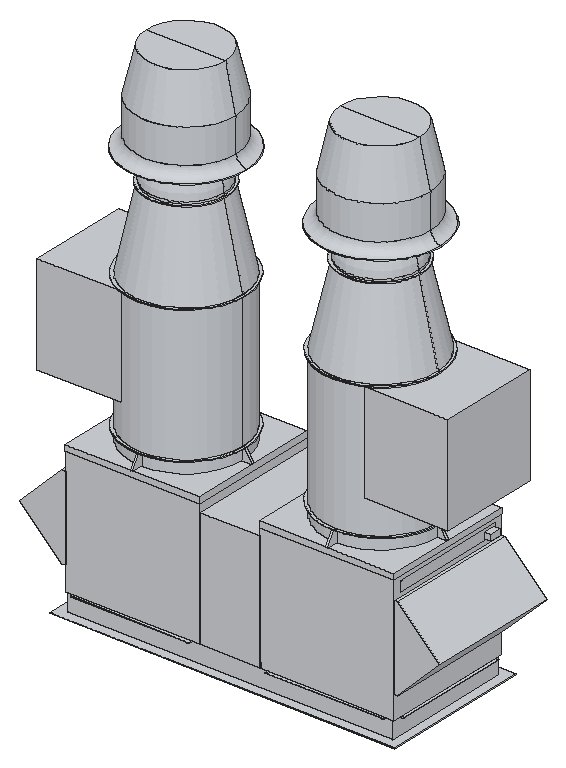
Revit family "QMXVP_with_1X2_Mixing_Box_Ends", category Mechanical Equipment, Revit 2019
Family settings
  Round Connector Dimension = Use Diameter
  Part Type = Normal
  Work Plane-Based = No
  Always vertical = Yes
  Cut with Voids When Loaded = No
  Shared = No
  Room Calculation Point = No
Parameters (values of type "402_QMXVP-27L-1X2_Mixing_Box_Ends")
  Unit Weight [instance] = ""
  UNIT_RADIUS+4" = UNIT_RADIUS + 4"  # 32 15/32"
  UNIT_RADIUS*.6 = UNIT_RADIUS * 0.9  # 25.62188"
  UNIT_RADIUS = UNIT_OD / 2  # 28 15/32"
  UNIT_RAD+((A/2)+.25")+4" = UNIT_RADIUS + ((A / 2) + 1/4") + 4"  # 66 7/32"
  UNIT_RAD+((A/2)+.25") = UNIT_RADIUS + ((A / 2) + 1/4")  # 62 7/32"
  UNIT_OD = 56 15/16"
  UNIT_HEIGHT*.75 = UNIT_HEIGHT * 0.75  # 51 3/8"
  UNIT_HEIGHT = 68 1/2"
  TYPE = 0"
  TRANSITION_TOP = 118 3/4"
  Sones [instance] = ""
  RO2/2 = 29 23/32"
  RO/2 = RO / 2  # 29 23/32"
  RO = 59 7/16"
  NOZZLE_WB_RAD-2" = NOZZLE_WB_RAD - 2"  # 28 1/2"
  NOZZLE_WB_RAD = NOZZLE_WB_OD / 2  # 30 1/2"
  NOZZLE_WB/4 = NOZZLE_WB_OD / 5  # 12.2"
  NOZZLE_TOP_RAD = NOZZLE_TOP_OD / 2  # 19 27/32"
  NOZZLE_TOP_OD = if(NOZZLE_SIZE = 108", 13 1/2", if(NOZZLE_SIZE = 144", 19 1/2", if(NOZZLE_SIZE = 180", 23", if(NOZZLE_SIZE = 216", 27 1/2", if(NOZZLE_SIZE = 252", 30 3/4", if(NOZZLE_SIZE = 288", 36 1/2", if(NOZZLE_SIZE = 324", 39 11/16", if(NOZZLE_SIZE = 360", 45 1/2", if(NOZZLE_SIZE = 432", 58", if(NOZZLE_SIZE = 588", 76", 1"))))))))))  # 39 11/16"
  NOZZLE_SIZE = 324"
  NOZZLE_HEIGHT/7*2 = NOZZLE_HEIGHT / 8 * 2  # 15 5/32"
  NOZZLE_HEIGHT = if(NOZZLE_SIZE = 108", 28", if(NOZZLE_SIZE = 144", 32", if(NOZZLE_SIZE = 180", 43", if(NOZZLE_SIZE = 216", 48", if(NOZZLE_SIZE = 252", 52 3/4", if(NOZZLE_SIZE = 288", 62", if(NOZZLE_SIZE = 360", 78", if(NOZZLE_SIZE = 324", 60 5/8", if(NOZZLE_SIZE = 432", 95", if(NOZZLE_SIZE = 588", 110", 1"))))))))))  # 60 5/8"
  NOZZLE_BOTTOM_RAD = NOZZLE_BOTTOM_ID / 2  # 19 5/32"
  NOZZLE_WB_OD = if(NOZZLE_SIZE = 108", 23", if(NOZZLE_SIZE = 144", 28", if(NOZZLE_SIZE = 180", 36", if(NOZZLE_SIZE = 216", 43", if(NOZZLE_SIZE = 252", 49", if(NOZZLE_SIZE = 288", 61", if(NOZZLE_SIZE = 324", 61", if(NOZZLE_SIZE = 360", 74", if(NOZZLE_SIZE = 432", 90", if(NOZZLE_SIZE = 588", 101", 1"))))))))))  # 61"
  NOZZLE_BOTTOM_ID = if(NOZZLE_SIZE = 108", 12 13/16", if(NOZZLE_SIZE = 144", 17 1/16", if(NOZZLE_SIZE = 180", 21 3/8", if(NOZZLE_SIZE = 216", 25 5/8", if(NOZZLE_SIZE = 252", 28 3/4", if(NOZZLE_SIZE = 288", 34 3/4", if(NOZZLE_SIZE = 324", 38 5/16", if(NOZZLE_SIZE = 360", 42 1/2", if(NOZZLE_SIZE = 432", 51 3/4", if(NOZZLE_SIZE = 588", 69 3/8", 1"))))))))))  # 38 5/16"
  Motor RPM [instance] = ""
  Motor Enclosure [instance] = ""
  ModelID [instance] = ""
  MB_HT/2 = MB_HT / 2  # 32 31/32"
  MB_HT-2.75" = MB_HT - 2 3/4"  # 63 3/16"
  MB_HT+.25" = MB_HT + 1/4"  # 66 3/16"
  MB_HT = 65 15/16"
  MB_A = 90"
  LwA [instance] = ""
  LONG_RO/2 = LONG_RO / 2  # 78 3/8"
  LONG_RO = 156 3/4"
  GA = if(UNIT_OD > 84", 23/128", if(UNIT_OD > 69", 17/128", 27/256"))  # 27/256"
  Fan RPM [instance] = ""
  E = 65 3/4"
  DUAL_G = 163"
  DUAL_F+1" = DUAL_F + 1"  # 165"
  DUAL_F = 164"
  CURB_HEIGHT [instance] = 12"
  CURB [instance] = yes
  C/2 = C / 2  # 44"
  C = 88"
  Bypass Damper Actuator = ""
  B/2 = B / 2  # 91 1/2"
  B = 183"
  Assembly Code = ""
  Accessories [instance] = ""
  A/2 = A / 2  # 33 1/2"
  A+.5 = A + 1/2"  # 67 1/2"
  A = 67"
  6" = 6"  # constant formula
  5" = 5"  # constant formula
  3.125" = 3 1/8"  # constant formula
  3" = 3"  # constant formula
  Brake Hp [instance] = ""
  4" = 4"  # constant formula
  2' = 24"
  2" = 2"  # constant formula
  135 = 135.00°
  1" = 1"  # constant formula
  0 = 0"  # constant formula
  Voltage [instance] = 0 V
  URL = "www.lorencook.com"
  Type Comments = if(TYPE = 12", "Vari-Plume Laboratory Exhaust Mixed-Flow High Pressure Inline Belt Drive With 1X2 Mixing Box With Weather Hoods On Sides\r\n", "Vari-Plume Laboratory Exhaust Mixed-Flow Inline Belt Drive With 1X2 Mixing Box With Weather Hoods On Sides\r\n")  # "Vari-Plume Laboratory Exhaust Mixed-Flow Inline Belt Drive With 1X2 Mixing Box With Weather Hoods On Sides\r\n"
  Static Pressure [instance] = 0.00 in-wg
  Power [instance] = Voltage * Motor FLA * sqrt(if(Phase = 3, 3, 1))  # 0 VA
  Phase [instance] = 0
  Number of Poles [instance] = 1
  Motor Hp [instance] = "0"
  Motor FLA [instance] = 0 A
  Model = if(TYPE = 12", "QMXHPVP-1X2_Mixing Box_Sides", "QMXVP-1X2_Mixing Box_Sides")  # "QMXVP-1X2_Mixing Box_Sides"
  Manufacturer = "Loren Cook Company"
  CFM [instance] = 0 CFM
  1.5 = 1 1/2"  # constant formula
  1/4 = 1/4"  # constant formula
  ONE EIGTH = 1/8"  # constant formula
  -A = -A  # -67"
  (NOZZLE_WB_OD-NOZZLE_TOP_OD)/2 = (NOZZLE_WB_OD - NOZZLE_TOP_OD) / 4  # 5 21/64"
  (NOZZLE_HEIGHT-(NOZZLE_HEIGHT/8*2))/2 = (NOZZLE_HEIGHT - (NOZZLE_HEIGHT / 8 * 2)) / 2  # 22 47/64"
  (A/2)-2" = (A / 2) - 2"  # 31 1/2"
  (A/2)-.5" = -((A / 2) - 1/2")  # -33"
  (A/2)+.5" = -((A / 2) + 1/2")  # -34"
  (A/2)+.25" = (A / 2) + 1/4"  # 33 3/4"
Reference planes (in)
  plane 1 "Center (Front/Back)": y = 0
  plane 2: z = 0
  plane 3 "Center (Left/Right)": x = 0.40541
Forms (in)
  Extrusion 1, solid
    sketch origin (0, 0, 0) x (1, 0, 0) y (0, 1, 0)
      loop
        line (-33.34459, 33.75) -> (-33.34459, -33.75) -> (34.15541, -33.75) -> (34.15541, 33.75) -> (-33.34459, 33.75)
      loop
        line (64.15541, 33.75) -> (64.15541, -33.75) -> (131.65541, -33.75) -> (131.65541, 33.75) -> (64.15541, 33.75)
    from 66.1875 <- "MB_HT+.25"" to 63.1875 <- "MB_HT-2.75""
  Revolve 2, solid
    sketch origin (0, 0, 0) x (1, 0, 0) y (0, 0, 1)
      loop
        line (0.40541, 66.1875) -> (28.87416, 66.1875) -> (28.87416, 72.1875) -> (30.37416, 72.1875) -> (30.37416, 72.4375) -> (28.87416, 72.4375) -> (28.87416, 140.4375) -> (30.37416, 140.4375) -> (30.37416, 140.6875) -> (28.87416, 140.6875) -> (19.56166, 181.6875) -> (21.06166, 181.6875) -> (21.06166, 181.9375) -> (0.40541, 181.9375) -> (0.40541, 66.1875)
      axis (0.40541, 181.9375) -> (0.40541, 66.1875)
    angle from 0 to 360
  Revolve 3, solid
    sketch origin (0, 0, 0) x (1, 0, 0) y (0, 0, 1)
      loop
        line (0.40541, 181.9375) -> (19.56166, 181.9375) -> (19.56166, 182.9375)
        arc (19.56166, 182.9375) -> (17.72865, 190.82402) -> (12.60541, 197.09375) r 17.8824
        line (12.60541, 197.09375) -> (30.90541, 197.09375) -> (20.24916, 242.5625) -> (0.40541, 242.5625) -> (0.40541, 181.9375)
      axis (0.40541, 242.5625) -> (0.40541, 181.9375)
    angle from 0 to 360
  Extrusion 4, solid
    sketch origin (0.40541, 0, 140.4375) x (1, 0, 0) y (0, -1, 0)
      loop
        line (-12.40924, 25.62188) -> (-54.25, 25.62188) -> (-54.25, -25.62188) -> (-12.40924, -25.62188)
        arc (-12.40924, -25.62188) -> (-28.46875, 0) -> (-12.40924, 25.62188) r 28.46875
      loop
        line (109.90924, -25.62188) -> (151.75, -25.62188) -> (151.75, 25.62188) -> (109.90924, 25.62188)
        arc (109.90924, 25.62188) -> (125.96875, 0) -> (109.90924, -25.62188) r 28.46875
    from 51.375 <- "UNIT_HEIGHT*.75" to 1.5
  Extrusion 5, solid
    sketch origin (0, 0, 0) x (1, 0, 0) y (0, 0, 1)
      loop
        line (-33.34459, 66.1875) -> (-28.06334, 66.1875) -> (-28.06334, 72.1875) -> (-29.56334, 72.1875) -> (-33.34459, 66.1875)
      loop
        line (34.15541, 66.1875) -> (30.37416, 72.1875) -> (28.87416, 72.1875) -> (28.87416, 66.1875) -> (34.15541, 66.1875)
      loop
        line (64.15541, 66.1875) -> (69.43666, 66.1875) -> (69.43666, 72.1875) -> (67.93666, 72.1875) -> (64.15541, 66.1875)
      loop
        line (131.65541, 66.1875) -> (127.87416, 72.1875) -> (126.37416, 72.1875) -> (126.37416, 66.1875) -> (131.65541, 66.1875)
    from -0.5 to 0.5
  Extrusion 6, solid
    sketch origin (0.40541, 0, 0) x (0, 1, 0) y (0, 0, 1)
      loop
        line (33.75, 66.1875) -> (29.96875, 72.1875) -> (28.46875, 72.1875) -> (28.46875, 66.1875) -> (33.75, 66.1875)
      loop
        line (-33.75, 66.1875) -> (-28.46875, 66.1875) -> (-28.46875, 72.1875) -> (-29.96875, 72.1875) -> (-33.75, 66.1875)
    from -0.5 to 0.5
  Extrusion 7, solid
    sketch origin (0.40541, 0, 72.1875) x (1, 0, 0) y (0, -1, 0)
      loop
        line (-2, -32.46875) -> (2, -32.46875) -> (2, -28.46875) -> (-2, -28.46875) -> (-2, -32.46875)
      loop
        line (95.25, -32.46875) -> (99.25, -32.46875) -> (99.25, -28.46875) -> (95.25, -28.46875) -> (95.25, -32.46875)
    from -10 to -6
  Revolve 8, void
    sketch origin (0, 0, 0) x (1, 0, 0) y (0, 0, 1)
      loop
        arc (25.57729, 202.67188) -> (30.90541, 197.34375) -> (36.23354, 202.67188) r 5.32813
        line (36.23354, 202.67188) -> (36.23354, 219.82812) -> (25.57729, 219.82812) -> (25.57729, 202.67188)
      axis (0.40541, 202.67188) -> (0.40541, 219.82812)
    angle from 0 to 360
  Extrusion 9, solid
    sketch origin (0, 0, 0) x (1, 0, 0) y (0, 1, 0)
      loop
        line (-33.09459, 33.5) -> (-33.09459, -33.5) -> (33.90541, -33.5) -> (33.90541, 33.5) -> (-33.09459, 33.5)
      loop
        line (64.40541, 33.5) -> (64.40541, -33.5) -> (131.40541, -33.5) -> (131.40541, 33.5) -> (64.40541, 33.5)
    from 0 to 63.1875 <- "MB_HT-2.75""
  Extrusion 10, void
    sketch origin (0, 0, 0) x (1, 0, 0) y (0, 1, 0)
      loop
        line (-32.84459, 33.25) -> (-32.84459, -33.25) -> (33.65541, -33.25) -> (33.65541, 33.25) -> (-32.84459, 33.25)
      loop
        line (64.65541, 33.25) -> (64.65541, -33.25) -> (131.15541, -33.25) -> (131.15541, 33.25) -> (64.65541, 33.25)
      loop
        line (34.40541, 33.25) -> (34.40541, -33.25) -> (63.90541, -33.25) -> (63.90541, 33.25) -> (34.40541, 33.25)
    from 0 to 2.875
  Extrusion 11, solid
    sketch origin (0, 0, 0) x (1, 0, 0) y (0, 1, 0)
      loop
        line (-33.34459, 29.75) -> (-34.84459, 29.75) -> (-34.84459, -29.75) -> (-33.34459, -29.75) -> (-33.34459, 29.75)
      loop
        line (-29.34459, -33.75) -> (-29.34459, -35.25) -> (30.15541, -35.25) -> (30.15541, -33.75) -> (-29.34459, -33.75)
      loop
        line (30.15541, 33.75) -> (30.15541, 35.25) -> (-29.34459, 35.25) -> (-29.34459, 33.75) -> (30.15541, 33.75)
      loop
        line (68.15541, 33.75) -> (127.65541, 33.75) -> (127.65541, 35.25) -> (68.15541, 35.25) -> (68.15541, 33.75)
      loop
        line (131.65541, 29.75) -> (131.65541, -29.75) -> (133.15541, -29.75) -> (133.15541, 29.75) -> (131.65541, 29.75)
      loop
        line (127.65541, -33.75) -> (68.15541, -33.75) -> (68.15541, -35.25) -> (127.65541, -35.25) -> (127.65541, -33.75)
    from 0 to 0.125
  Revolve 12, solid
    sketch origin (0, 0, 0) x (1, 0, 0) y (0, 0, 1)
      loop
        line (97.90541, 66.1875) -> (126.37416, 66.1875) -> (126.37416, 72.1875) -> (127.87416, 72.1875) -> (127.87416, 72.4375) -> (126.37416, 72.4375) -> (126.37416, 140.1875) -> (127.87416, 140.1875) -> (127.87416, 140.4375) -> (126.37416, 140.4375) -> (117.06166, 181.4375) -> (118.56166, 181.4375) -> (118.56166, 181.6875) -> (97.90541, 181.6875) -> (97.90541, 66.1875)
      axis (97.90541, 181.6875) -> (97.90541, 66.1875)
    angle from 0 to 360
  Revolve 13, solid
    sketch origin (0, 0, 0) x (1, 0, 0) y (0, 0, 1)
      loop
        line (97.90541, 181.4375) -> (117.06166, 181.4375) -> (117.06166, 182.4375)
        arc (117.06166, 182.4375) -> (115.23435, 190.54914) -> (110.10541, 197.09375) r 18.91789
        line (110.10541, 197.09375) -> (128.40541, 197.09375) -> (117.74916, 242.5625) -> (97.90541, 242.5625) -> (97.90541, 181.4375)
      axis (97.90541, 242.5625) -> (97.90541, 181.4375)
    angle from 0 to 360
  Revolve 14, void
    sketch origin (0, 0, 0) x (1, 0, 0) y (0, 0, 1)
      loop
        line (133.73354, 219.82812) -> (123.07729, 219.82812) -> (123.07729, 202.67188)
        arc (123.07729, 202.67188) -> (128.40541, 197.34375) -> (133.73354, 202.67188) r 5.32813
        line (133.73354, 202.67188) -> (133.73354, 219.82812)
      axis (97.90541, 219.82812) -> (97.90541, 202.67188)
    angle from 0 to 360
  Extrusion 15, solid
    sketch origin (33.90541, -33.5, 0) x (-1, 0, 0) y (0, 0, -1)
      loop
        line (0, -59.1875) -> (0, 0) -> (-30.5, 0) -> (-30.5, -59.1875) -> (0, -59.1875)
    from 0 to -67 <- "-A"
  Extrusion 16, solid
    sketch origin (64.40541, 33.5, 0) x (1, 0, 0) y (0, 0, -1)
      loop
        line (67, -53.96875) -> (69, -53.96875) -> (90, -32.96875) -> (69, -11.96875) -> (67, -11.96875) -> (67, -53.96875)
      loop
        line (-97.5, -53.96875) -> (-97.5, -11.96875) -> (-99.5, -11.96875) -> (-120.5, -32.96875) -> (-99.5, -53.96875) -> (-97.5, -53.96875)
    from 0 to -67 <- "-A"
  Extrusion 17, solid
    sketch origin (-33.09459, -33.5, 0) x (0, 1, 0) y (0, 0, -1)
      loop
        line (63, -61.1875) -> (63, -56.1875) -> (4, -56.1875) -> (4, -61.1875) -> (63, -61.1875)
    from 0 to 0.125
  Extrusion 18, solid
    sketch origin (-33.21959, -33.5, 0) x (0, 1, 0) y (0, 0, -1)
      loop
        line (5, -60.1875) -> (11, -60.1875) -> (11, -57.1875) -> (5, -57.1875) -> (5, -60.1875)
    from 0 to 3.5
  Extrusion 19, solid
    sketch origin (131.40541, 33.5, 0) x (0, -1, 0) y (0, 0, -1)
      loop
        line (63, -61.1875) -> (63, -56.1875) -> (4, -56.1875) -> (4, -61.1875) -> (63, -61.1875)
    from 0 to 0.125
  Extrusion 20, solid
    sketch origin (131.53041, 33.5, 0) x (0, -1, 0) y (0, 0, -1)
      loop
        line (5, -60.1875) -> (11, -60.1875) -> (11, -57.1875) -> (5, -57.1875) -> (5, -60.1875)
    from 0 to 3.5
  Extrusion 21, solid
    sketch origin (131.53041, 33.5, 0) x (0, -1, 0) y (0, 0, -1)
      loop
        line (67.25, -66.1875) -> (61.96875, -66.1875) -> (61.96875, -72.1875) -> (63.46875, -72.1875) -> (67.25, -66.1875)
      loop
        line (-0.25, -66.1875) -> (3.53125, -72.1875) -> (5.03125, -72.1875) -> (5.03125, -66.1875) -> (-0.25, -66.1875)
    from -33 <- "(A/2)-.5"" to -34 <- "(A/2)+.5""
  Extrusion 22, void
    sketch origin (64.40541, -33.5, 0) x (1, 0, 0) y (0, 1, 0)
      loop
        line (-30.25, 0.25) -> (-0.25, 0.25) -> (-0.25, 66.75) -> (-30.25, 66.75) -> (-30.25, 0.25)
    from 0 to 2.875
  Extrusion 23, solid, visible <- "CURB"
    sketch origin (0, 0, 2.875) x (0, 1, 0) y (1, 0, 0)
      loop
        line (29.71875, -29.31334) -> (29.71875, 127.43666) -> (-29.71875, 127.43666) -> (-29.71875, -29.31334) -> (29.71875, -29.31334)
      loop
        line (-32.84375, 130.56166) -> (-32.84375, -32.43834) -> (32.84375, -32.43834) -> (32.84375, 130.56166) -> (-32.84375, 130.56166)
    from 0 to 12 <- "CURB_HEIGHT"
  Extrusion 24, solid, visible <- "CURB"
    sketch origin (0, 0, -9.125) x (-1, 0, 0) y (0, 1, 0)
      loop
        line (-130.56166, -32.84375) -> (32.43834, -32.84375) -> (32.43834, 32.84375) -> (-130.56166, 32.84375) -> (-130.56166, -32.84375)
      loop
        line (37.43834, 37.84375) -> (-135.56166, 37.84375) -> (-135.56166, -37.84375) -> (37.43834, -37.84375) -> (37.43834, 37.84375)
    from 0 to -0.125
Cuts and joins
  Revolve 8 cuts Revolve 3
  Extrusion 10, Extrusion 22 cuts Extrusion 9
  Revolve 14 cuts Revolve 13
  Extrusion 22 cuts Extrusion 11
  Extrusion 22 cuts Extrusion 15
Dimensions and locks (in)
  "(A/2)+.25"": Extrusion 1 sketch curve to plane 3 "Center (Left/Right)"
  "(A/2)+.25"": plane 3 "Center (Left/Right)" to Extrusion 1 sketch curve
  "(A/2)+.25"": plane 1 "Center (Front/Back)" to Extrusion 1 sketch curve
  "(A/2)+.25"": Extrusion 1 sketch curve to plane 1 "Center (Front/Back)"
  "1/4": Revolve 2 sketch curve to Revolve 2 sketch curve  (x3)
  "1.5": Revolve 2 sketch curve to Revolve 2 sketch curve  (x3)
  "NOZZLE_BOTTOM_RAD": Revolve 2 sketch curve to plane 3 "Center (Left/Right)"
  "UNIT_HEIGHT": Revolve 2 sketch curve to Revolve 2 sketch curve
  "UNIT_RADIUS": Revolve 2 sketch curve to plane 3 "Center (Left/Right)"
  "UNIT_RADIUS": Revolve 2 sketch curve to Revolve 2 sketch curve
  "0": Revolve 2 sketch curve to plane 3 "Center (Left/Right)"  (x2)
  "0": Revolve 3 sketch curve to plane 3 "Center (Left/Right)"  (x2)
  "NOZZLE_TOP_RAD": Revolve 3 sketch curve to plane 3 "Center (Left/Right)"
  "NOZZLE_HEIGHT": Revolve 3 sketch curve to Revolve 2
  "0": Revolve 3 sketch curve to Revolve 2
  "NOZZLE_WB_RAD": Revolve 3 sketch curve to plane 3 "Center (Left/Right)"
  "NOZZLE_HEIGHT/7*2": Revolve 3 sketch curve to Revolve 3 sketch curve
  "NOZZLE_BOTTOM_RAD": Revolve 3 sketch curve to plane 3 "Center (Left/Right)"
  "1"": Revolve 3 sketch curve to Revolve 2  (x2)
  "NOZZLE_WB/4": Revolve 3 sketch curve to Revolve 3 sketch curve
  "0": Revolve 2 sketch curve to Revolve 2 sketch curve
  "0": Extrusion 4 sketch curve to plane 3 "Center (Left/Right)"
  "0": Extrusion 4 sketch curve to plane 1 "Center (Front/Back)"  (x2)
  "0": Revolve 2 to Extrusion 5 sketch curve  (x3)
  "0": Extrusion 5 sketch curve to Revolve 2
  "1.5": Extrusion 5 sketch curve to Extrusion 5 sketch curve  (x4)
  "0": Revolve 2 to Extrusion 6 sketch curve
  "0": Extrusion 6 sketch curve to Revolve 2
  "UNIT_RADIUS": plane 1 "Center (Front/Back)" to Extrusion 6 sketch curve
  "UNIT_RADIUS": Extrusion 6 sketch curve to plane 1 "Center (Front/Back)"
  "1.5": Extrusion 6 sketch curve to Extrusion 6 sketch curve  (x2)
  "NOZZLE_WB_RAD": Revolve 8 sketch curve to plane 3 "Center (Left/Right)"
  "(NOZZLE_WB_OD-NOZZLE_TOP_OD)/2": Revolve 8 sketch curve to Revolve 8 sketch curve  (x2)
  "1/4": Revolve 8 sketch curve to Revolve 3
  "(NOZZLE_HEIGHT-(NOZZLE_HEIGHT/8*2))/2": Revolve 8 sketch curve to Revolve 3
  "0": plane 3 "Center (Left/Right)" to Revolve 8 sketch curve
  "1/4": Extrusion 1 to Extrusion 9 sketch curve  (x4)
  "1/4": Extrusion 9 sketch curve to Extrusion 1  (x4)
  "1/4": Extrusion 10 sketch curve to Extrusion 9  (x3)
  "1/4": Extrusion 9 to Extrusion 10 sketch curve
  "1.5": Extrusion 11 sketch curve to Extrusion 11 sketch curve  (x6)
  "0": Extrusion 11 sketch curve to Extrusion 1  (x5)
  "4"": Extrusion 11 sketch curve to Extrusion 1  (x4)
  "4"": Extrusion 1 to Extrusion 11 sketch curve  (x8)
  "TRANSITION_TOP": cut or joined group of Extrusion 9, Extrusion 10, Extrusion 22 to Revolve 2 sketch curve
  "0": Extrusion 1 to Revolve 2 sketch curve
  "0": Extrusion 5 sketch curve to Extrusion 1  (x6)
  "0": Extrusion 1 to Extrusion 5 sketch curve  (x2)
  "0": Extrusion 6 sketch curve to Extrusion 1  (x3)
  "0": Extrusion 1 to Extrusion 6 sketch curve
  "A+.5": Extrusion 1 sketch curve to Extrusion 1 sketch curve
  "DUAL_F+1"": Extrusion 1 sketch curve to Extrusion 1 sketch curve
  "0": Extrusion 1 sketch curve to Extrusion 1 sketch curve  (x2)
  "(A/2)+.25"": Extrusion 1 to Revolve 12 sketch curve  (x2)
  "UNIT_RADIUS": Revolve 12 sketch curve to Revolve 12 sketch curve  (x2)
  "0": Revolve 12 sketch curve to Revolve 12 sketch curve
  "NOZZLE_BOTTOM_RAD": Revolve 12 sketch curve to Revolve 12 sketch curve
  "0": Revolve 12 sketch curve to Revolve 2  (x2)
  "0": Revolve 2 to Revolve 12 sketch curve
  "0": Revolve 12 sketch curve to Extrusion 1
  "1/4": Revolve 12 sketch curve to Revolve 12 sketch curve  (x3)
  "1.5": Revolve 12 sketch curve to Revolve 12 sketch curve  (x3)
  "0": Revolve 13 sketch curve to Revolve 12
  "0": Revolve 13 sketch curve to cut or joined group of Revolve 3, Revolve 8
  "0": cut or joined group of Revolve 3, Revolve 8 to Revolve 13 sketch curve
  "0": Revolve 12 to Revolve 13 sketch curve
  "NOZZLE_WB_RAD": Revolve 13 sketch curve to Revolve 13 sketch curve
  "NOZZLE_TOP_RAD": Revolve 13 sketch curve to Revolve 13 sketch curve
  "(A/2)+.25"": Revolve 13 sketch curve to Extrusion 1  (x2)
  "1"": Revolve 13 sketch curve to Revolve 12
  "NOZZLE_WB/4": Revolve 13 sketch curve to Revolve 13 sketch curve
  "1/4": Revolve 14 sketch curve to Revolve 13
  "(NOZZLE_WB_OD-NOZZLE_TOP_OD)/2": Revolve 13 to Revolve 14 sketch curve  (x2)
  "(NOZZLE_HEIGHT-(NOZZLE_HEIGHT/8*2))/2": Revolve 14 sketch curve to Revolve 13
  "(A/2)+.25"": Revolve 14 sketch curve to Extrusion 1
  "(A/2)+.25"": Extrusion 4 sketch curve to Extrusion 1
  "UNIT_RADIUS*.6": Extrusion 4 sketch curve to Extrusion 4 sketch curve
  "1/4": cut or joined group of Extrusion 9, Extrusion 10, Extrusion 22 to Extrusion 10 sketch curve  (x2)
  "1/4": Extrusion 10 sketch curve to cut or joined group of Extrusion 9, Extrusion 10, Extrusion 22  (x2)
  "0": Extrusion 1 to Extrusion 11 sketch curve
  "4"": Extrusion 1 to Extrusion 15 sketch curve
  "0": Extrusion 15 sketch curve to cut or joined group of Extrusion 9, Extrusion 10, Extrusion 22  (x3)
  "C": Extrusion 4 sketch curve to Extrusion 1
  "UNIT_RADIUS*.6": plane 1 "Center (Front/Back)" to Extrusion 4 sketch curve  (x2)
  "0": Extrusion 4 sketch curve to Extrusion 4 sketch curve
  Extrusion 4 sketch curve to Extrusion 4 sketch curve = 0"
  "C": Extrusion 1 to Extrusion 4 sketch curve
  "2"": Extrusion 7 sketch curve to plane 3 "Center (Left/Right)"
  "2"": plane 3 "Center (Left/Right)" to Extrusion 7 sketch curve
  "UNIT_RADIUS": Extrusion 7 sketch curve to plane 1 "Center (Front/Back)"
  "UNIT_RADIUS+4"": plane 1 "Center (Front/Back)" to Extrusion 7 sketch curve
  "4"": Extrusion 7 sketch curve to Extrusion 7 sketch curve
  "0": Extrusion 7 sketch curve to Extrusion 7 sketch curve  (x2)
  "MB_HT/2": level to Extrusion 16 sketch curve  (x2)
  "MB_A": Extrusion 16 sketch curve to Extrusion 15  (x2)
  "0": cut or joined group of Extrusion 9, Extrusion 10, Extrusion 22 to Extrusion 16 sketch curve
  "0": Extrusion 16 sketch curve to cut or joined group of Extrusion 9, Extrusion 10, Extrusion 22
  "2"": Extrusion 16 sketch curve to Extrusion 16 sketch curve  (x4)
  "5"": Extrusion 17 sketch curve to Extrusion 17 sketch curve
  "2"": Extrusion 17 sketch curve to Extrusion 1
  "4"": Extrusion 16 to Extrusion 17 sketch curve
  "4"": Extrusion 17 sketch curve to cut or joined group of Extrusion 9, Extrusion 10, Extrusion 22
  "1"": Extrusion 17 to Extrusion 18 sketch curve  (x2)
  "1"": Extrusion 18 sketch curve to Extrusion 17
  "6"": Extrusion 18 sketch curve to Extrusion 18 sketch curve
  "4"": cut or joined group of Extrusion 9, Extrusion 10, Extrusion 22 to Extrusion 19 sketch curve
  "4"": Extrusion 19 sketch curve to cut or joined group of Extrusion 9, Extrusion 10, Extrusion 22
  "5"": Extrusion 19 sketch curve to Extrusion 19 sketch curve
  "2"": Extrusion 19 sketch curve to cut or joined group of Extrusion 9, Extrusion 10, Extrusion 22
  "6"": Extrusion 20 sketch curve to Extrusion 20 sketch curve
  "1"": Extrusion 20 sketch curve to Extrusion 19
  "1"": Extrusion 19 to Extrusion 20 sketch curve  (x2)
  "0": Revolve 12 to Extrusion 5 sketch curve  (x3)
  "0": Extrusion 5 sketch curve to Revolve 12
  "0": Extrusion 21 sketch curve to Extrusion 6  (x3)
  "0": Revolve 12 to Extrusion 21 sketch curve  (x2)
  "0": Extrusion 6 to Extrusion 21 sketch curve
  "0": Extrusion 21 sketch curve to Extrusion 1
  "0": Extrusion 1 to Extrusion 21 sketch curve
  "1/4": Extrusion 1 to Extrusion 10 sketch curve
  "1/4": Extrusion 10 sketch curve to Extrusion 1
  "0": Extrusion 10 sketch curve to Extrusion 10 sketch curve  (x2)
  "1/4": Extrusion 15 to Extrusion 22 sketch curve  (x3)
  "1/4": Extrusion 22 sketch curve to Extrusion 15
  "RO2/2": Extrusion 23 sketch curve to plane 3 "Center (Left/Right)"
  "LONG_RO": Extrusion 23 sketch curve to Extrusion 23 sketch curve
  "3.125"": Extrusion 23 sketch curve to Extrusion 23 sketch curve  (x4)
  "RO/2": plane 1 "Center (Front/Back)" to Extrusion 23 sketch curve
  "RO/2": Extrusion 23 sketch curve to plane 1 "Center (Front/Back)"
  "(A/2)-2"": Extrusion 7 sketch curve to Extrusion 1
  "5"": Extrusion 24 sketch curve to Extrusion 24 sketch curve  (x4)
  "0": Extrusion 23 to Extrusion 24 sketch curve
  "0": Extrusion 24 sketch curve to Extrusion 23  (x3)
  "UNIT_RADIUS": radius of Extrusion 4 sketch curve  (x2)
  "135": angle Extrusion 16 sketch curve to Extrusion 16 sketch curve  (x4)
Automatic sketch dimensions
  Revolve 2 sketch curve to Revolve 2 sketch curve = 0"
  Revolve 2 sketch curve to Revolve 2 sketch curve = 4"
  Revolve 2 sketch curve to Revolve 2 sketch curve = 6"
  Revolve 3 sketch curve to Revolve 3 sketch curve = 7"
  Revolve 3 sketch curve to Revolve 3 sketch curve = 3"
  Revolve 8 sketch curve to Revolve 8 sketch curve = 53.21605"
  Revolve 8 sketch curve to Revolve 8 sketch curve = 13"
  Revolve 12 sketch curve to Revolve 12 sketch curve = 18"
  Revolve 12 sketch curve to Revolve 12 sketch curve = 0"
  Revolve 13 sketch curve to Revolve 13 sketch curve = 36"
  Revolve 13 sketch curve to Revolve 13 sketch curve = 0"
  Revolve 14 sketch curve to Revolve 14 sketch curve = 0.10587"
  Revolve 14 sketch curve to Revolve 14 sketch curve = 19"
Connectors (in)
  electrical at (-34.09459, 0, 11.96875), driven by "Bypass Damper Actuator"
    settings: on Extrusion 16, index 6, voltage 0 V, apparent load 0 VA, apparent load phase1 0 VA, apparent load phase2 0 VA, apparent load phase3 0 VA, power factor 1, load classification "Other", number of poles 1, system type 13, power factor state 1, is connector primary yes, connector utility no, sub classification motor no, connector description ""
  electrical at (132.40541, 0, 11.96875), driven by "Bypass Damper Actuator"
    settings: on Extrusion 16, index 7, voltage 0 V, apparent load 0 VA, apparent load phase1 0 VA, apparent load phase2 0 VA, apparent load phase3 0 VA, power factor 1, load classification "Other", number of poles 1, system type 13, power factor state 1, is connector primary no, connector utility no, sub classification motor no, connector description ""
  electrical at (0.40541, 30.46875, 78.1875)
    settings: on Extrusion 7, index 9, voltage 0 V, apparent load 0 VA, apparent load phase1 0 VA, apparent load phase2 0 VA, apparent load phase3 0 VA, power factor 1, load classification "Other", number of poles 1, system type 30, power factor state 1, is connector primary no, connector utility no, sub classification motor no, connector description ""
  electrical at (97.65541, 30.46875, 78.1875)
    settings: on Extrusion 7, index 10, voltage 0 V, apparent load 0 VA, apparent load phase1 0 VA, apparent load phase2 0 VA, apparent load phase3 0 VA, power factor 1, load classification "Other", number of poles 1, system type 30, power factor state 1, is connector primary no, connector utility no, sub classification motor no, connector description ""
  hvac at (49.15541, 0, 2.875), driven by "RO", driven by "LONG_RO", driven by "CFM"
    settings: on cut or joined group of Extrusion 15, Extrusion 22, index 11, duct flow 0 CFM, flow factor 0, pres drop 0.00 in-wg, loss coef 0, conn angle 0.00°, conn width 156 3/4", conn height 59 7/16", conn diameter 24", duct sys type 3, conn prof type 1, flow config 0, flow direction 1, loss method 0, conn ref index -1, conn util no, is conn primary yes, conn desc ""
Types (225): name | UNIT_RADIUS+4" | UNIT_RADIUS*.6 | UNIT_RADIUS | UNIT_RAD+((A/2)+.25")+4" | UNIT_RAD+((A/2)+.25") | UNIT_OD | UNIT_HEIGHT*.75 | UNIT_HEIGHT | TYPE | TRANSITION_TOP | RO2/2 | RO/2 | RO | NOZZLE_WB_RAD-2" | NOZZLE_WB_RAD | NOZZLE_WB/4 | NOZZLE_TOP_RAD | NOZZLE_TOP_OD | NOZZLE_SIZE | NOZZLE_HEIGHT/7*2 | NOZZLE_HEIGHT | NOZZLE_BOTTOM_RAD | NOZZLE_WB_OD | NOZZLE_BOTTOM_ID | MB_HT/2 | MB_HT-2.75" | MB_HT+.25" | MB_HT | MB_A | LONG_RO/2 | LONG_RO | GA | E | DUAL_G | DUAL_F+1" | DUAL_F | C/2 | C | B/2 | B | A/2 | A+.5 | A | Type Comments | Model | -A | (NOZZLE_WB_OD-NOZZLE_TOP_OD)/2 | (NOZZLE_HEIGHT-(NOZZLE_HEIGHT/8*2))/2 | (A/2)-2" | (A/2)-.5" | (A/2)+.5" | (A/2)+.25"
  (no name) | 32 15/32" | 25.62188" | 28 15/32" | 66 7/32" | 62 7/32" | 56 15/16" | 51 3/8" | 68 1/2" | 0" | 118 3/4" | 29 23/32" | 29 23/32" | 59 7/16" | 28 1/2" | 30 1/2" | 12.2" | 19 27/32" | 39 11/16" | 324" | 15 5/32" | 60 5/8" | 19 5/32" | 61" | 38 5/16" | 32 31/32" | 63 3/16" | 66 3/16" | 65 15/16" | 90" | 78 3/8" | 156 3/4" | 27/256" | 65 3/4" | 163" | 165" | 164" | 44" | 88" | 91 1/2" | 183" | 33 1/2" | 67 1/2" | 67" | "Vari-Plume Laboratory Exhaust Mixed-Flow Inline Belt Drive With 1X2 Mixing Box With Weather Hoods On Sides\r\n" | "QMXVP-1X2_Mixing Box_Sides" | -67" | 5 21/64" | 22 47/64" | 31 1/2" | -33" | -34" | 33 3/4"
  90_QMXVP-9L-1X2_Mixing_Box_Ends | 10 13/32" | 5 49/64" | 6 13/32" | 24 21/32" | 20 21/32" | 12 13/16" | 14 29/32" | 19 7/8" | 0" | 37 1/16" | 10 1/2" | 10 1/2" | 21" | 9 1/2" | 11 1/2" | 4.6" | 6 3/4" | 13 1/2" | 108" | 7" | 28" | 6 13/32" | 23" | 12 13/16" | 14 19/32" | 26 7/16" | 29 7/16" | 29 3/16" | 34" | 28 17/32" | 57 1/16" | 27/256" | 27 3/16" | 63 5/16" | 65" | 64" | 15" | 30" | 32 1/2" | 65" | 14" | 28 1/2" | 28" | "Vari-Plume Laboratory Exhaust Mixed-Flow Inline Belt Drive With 1X2 Mixing Box With Weather Hoods On Sides\r\n" | "QMXVP-1X2_Mixing Box_Sides" | -28" | 2 3/8" | 10 1/2" | 12" | -13 1/2" | -14 1/2" | 14 1/4"
  490_QMXVP-49H-1X2_Mixing_Box_Ends | 38 11/16" | 31 7/32" | 34 11/16" | 78 15/16" | 74 15/16" | 69 3/8" | 60 3/8" | 80 1/2" | 0" | 96 3/4" | 36 1/8" | 36 1/8" | 72 1/4" | 48 1/2" | 50 1/2" | 20.2" | 38" | 76" | 588" | 27 1/2" | 110" | 34 11/16" | 101" | 69 3/8" | 43 15/32" | 84 3/16" | 87 3/16" | 86 15/16" | 113" | 92 3/8" | 184 3/4" | 17/128" | 78 1/2" | 191" | 193" | 192" | 51 1/2" | 103" | 109 1/2" | 219" | 40" | 80 1/2" | 80" | "Vari-Plume Laboratory Exhaust Mixed-Flow Inline Belt Drive With 1X2 Mixing Box With Weather Hoods On Sides\r\n" | "QMXVP-1X2_Mixing Box_Sides" | -80" | 6 1/4" | 41 1/4" | 38" | -39 1/2" | -40 1/2" | 40 1/4"
  90_QMXVP-9H-1X2_Mixing_Box_Ends | 10 13/32" | 5 49/64" | 6 13/32" | 24 21/32" | 20 21/32" | 12 13/16" | 14 29/32" | 19 7/8" | 0" | 37 1/16" | 10 1/2" | 10 1/2" | 21" | 9 1/2" | 11 1/2" | 4.6" | 6 3/4" | 13 1/2" | 108" | 7" | 28" | 6 13/32" | 23" | 12 13/16" | 14 19/32" | 26 7/16" | 29 7/16" | 29 3/16" | 34" | 28 17/32" | 57 1/16" | 27/256" | 27 3/16" | 63 5/16" | 65" | 64" | 15" | 30" | 32 1/2" | 65" | 14" | 28 1/2" | 28" | "Vari-Plume Laboratory Exhaust Mixed-Flow Inline Belt Drive With 1X2 Mixing Box With Weather Hoods On Sides\r\n" | "QMXVP-1X2_Mixing Box_Sides" | -28" | 2 3/8" | 10 1/2" | 12" | -13 1/2" | -14 1/2" | 14 1/4"
  120_QMXVP-9L-1X2_Mixing_Box_Ends | 12 17/32" | 7.67813" | 8 17/32" | 26 25/32" | 22 25/32" | 17 1/16" | 14 29/32" | 19 7/8" | 0" | 43 3/16" | 10 1/2" | 10 1/2" | 21" | 9 1/2" | 11 1/2" | 4.6" | 6 3/4" | 13 1/2" | 108" | 7" | 28" | 6 13/32" | 23" | 12 13/16" | 15 23/32" | 28 11/16" | 31 11/16" | 31 7/16" | 35" | 28 17/32" | 57 1/16" | 27/256" | 27 3/16" | 63 5/16" | 65" | 64" | 18 1/2" | 37" | 35 1/2" | 71" | 14" | 28 1/2" | 28" | "Vari-Plume Laboratory Exhaust Mixed-Flow Inline Belt Drive With 1X2 Mixing Box With Weather Hoods On Sides\r\n" | "QMXVP-1X2_Mixing Box_Sides" | -28" | 2 3/8" | 10 1/2" | 12" | -13 1/2" | -14 1/2" | 14 1/4"
  120_QMXVP-9H-1X2_Mixing_Box_Ends | 12 17/32" | 7.67813" | 8 17/32" | 26 25/32" | 22 25/32" | 17 1/16" | 14 29/32" | 19 7/8" | 0" | 43 3/16" | 10 1/2" | 10 1/2" | 21" | 9 1/2" | 11 1/2" | 4.6" | 6 3/4" | 13 1/2" | 108" | 7" | 28" | 6 13/32" | 23" | 12 13/16" | 15 23/32" | 28 11/16" | 31 11/16" | 31 7/16" | 35" | 28 17/32" | 57 1/16" | 27/256" | 27 3/16" | 63 5/16" | 65" | 64" | 18 1/2" | 37" | 35 1/2" | 71" | 14" | 28 1/2" | 28" | "Vari-Plume Laboratory Exhaust Mixed-Flow Inline Belt Drive With 1X2 Mixing Box With Weather Hoods On Sides\r\n" | "QMXVP-1X2_Mixing Box_Sides" | -28" | 2 3/8" | 10 1/2" | 12" | -13 1/2" | -14 1/2" | 14 1/4"
  120_QMXVP-12L-1X2_Mixing_Box_Ends | 12 17/32" | 7.67813" | 8 17/32" | 26 25/32" | 22 25/32" | 17 1/16" | 14 29/32" | 19 7/8" | 0" | 39 7/16" | 10 1/2" | 10 1/2" | 21" | 12" | 14" | 5.6" | 9 3/4" | 19 1/2" | 144" | 8" | 32" | 8 17/32" | 28" | 17 1/16" | 15 23/32" | 28 11/16" | 31 11/16" | 31 7/16" | 35" | 28 17/32" | 57 1/16" | 27/256" | 27 3/16" | 63 5/16" | 65" | 64" | 18 1/2" | 37" | 35 1/2" | 71" | 14" | 28 1/2" | 28" | "Vari-Plume Laboratory Exhaust Mixed-Flow Inline Belt Drive With 1X2 Mixing Box With Weather Hoods On Sides\r\n" | "QMXVP-1X2_Mixing Box_Sides" | -28" | 2 1/8" | 12" | 12" | -13 1/2" | -14 1/2" | 14 1/4"
  120_QMXVP-12H-1X2_Mixing_Box_Ends | 12 17/32" | 7.67813" | 8 17/32" | 26 25/32" | 22 25/32" | 17 1/16" | 14 29/32" | 19 7/8" | 0" | 39 7/16" | 10 1/2" | 10 1/2" | 21" | 12" | 14" | 5.6" | 9 3/4" | 19 1/2" | 144" | 8" | 32" | 8 17/32" | 28" | 17 1/16" | 15 23/32" | 28 11/16" | 31 11/16" | 31 7/16" | 35" | 28 17/32" | 57 1/16" | 27/256" | 27 3/16" | 63 5/16" | 65" | 64" | 18 1/2" | 37" | 35 1/2" | 71" | 14" | 28 1/2" | 28" | "Vari-Plume Laboratory Exhaust Mixed-Flow Inline Belt Drive With 1X2 Mixing Box With Weather Hoods On Sides\r\n" | "QMXVP-1X2_Mixing Box_Sides" | -28" | 2 1/8" | 12" | 12" | -13 1/2" | -14 1/2" | 14 1/4"
  135_QMXVP-9L-1X2_Mixing_Box_Ends | 13 5/8" | 8.6625" | 9 5/8" | 27 7/8" | 23 7/8" | 19 1/4" | 20 1/4" | 27" | 0" | 48 11/16" | 10 15/32" | 10 15/32" | 20 15/16" | 9 1/2" | 11 1/2" | 4.6" | 6 3/4" | 13 1/2" | 108" | 7" | 28" | 6 13/32" | 23" | 12 13/16" | 16 23/32" | 30 11/16" | 33 11/16" | 33 7/16" | 36" | 28 17/32" | 57 1/16" | 27/256" | 27 1/8" | 63 5/16" | 65" | 64" | 19 1/2" | 39" | 38 1/2" | 77" | 14" | 28 1/2" | 28" | "Vari-Plume Laboratory Exhaust Mixed-Flow Inline Belt Drive With 1X2 Mixing Box With Weather Hoods On Sides\r\n" | "QMXVP-1X2_Mixing Box_Sides" | -28" | 2 3/8" | 10 1/2" | 12" | -13 1/2" | -14 1/2" | 14 1/4"
  135_QMXVP-9H-1X2_Mixing_Box_Ends | 13 5/8" | 8.6625" | 9 5/8" | 27 7/8" | 23 7/8" | 19 1/4" | 20 1/4" | 27" | 0" | 48 11/16" | 10 15/32" | 10 15/32" | 20 15/16" | 9 1/2" | 11 1/2" | 4.6" | 6 3/4" | 13 1/2" | 108" | 7" | 28" | 6 13/32" | 23" | 12 13/16" | 16 23/32" | 30 11/16" | 33 11/16" | 33 7/16" | 36" | 28 17/32" | 57 1/16" | 27/256" | 27 1/8" | 63 5/16" | 65" | 64" | 19 1/2" | 39" | 38 1/2" | 77" | 14" | 28 1/2" | 28" | "Vari-Plume Laboratory Exhaust Mixed-Flow Inline Belt Drive With 1X2 Mixing Box With Weather Hoods On Sides\r\n" | "QMXVP-1X2_Mixing Box_Sides" | -28" | 2 3/8" | 10 1/2" | 12" | -13 1/2" | -14 1/2" | 14 1/4"
  150_QMXVP-9L-1X2_Mixing_Box_Ends | 14 11/16" | 9.61875" | 10 11/16" | 29 15/16" | 25 15/16" | 21 3/8" | 22 1/2" | 30" | 0" | 54 1/4" | 11 15/32" | 11 15/32" | 22 15/16" | 9 1/2" | 11 1/2" | 4.6" | 6 3/4" | 13 1/2" | 108" | 7" | 28" | 6 13/32" | 23" | 12 13/16" | 17 19/32" | 32 7/16" | 35 7/16" | 35 3/16" | 38" | 30 17/32" | 61 1/16" | 27/256" | 29 1/8" | 67 5/16" | 69" | 68" | 21" | 42" | 43 1/2" | 87" | 15" | 30 1/2" | 30" | "Vari-Plume Laboratory Exhaust Mixed-Flow Inline Belt Drive With 1X2 Mixing Box With Weather Hoods On Sides\r\n" | "QMXVP-1X2_Mixing Box_Sides" | -30" | 2 3/8" | 10 1/2" | 13" | -14 1/2" | -15 1/2" | 15 1/4"
  135_QMXVP-12L-1X2_Mixing_Box_Ends | 13 5/8" | 8.6625" | 9 5/8" | 27 7/8" | 23 7/8" | 19 1/4" | 20 1/4" | 27" | 0" | 40 11/16" | 10 15/32" | 10 15/32" | 20 15/16" | 12" | 14" | 5.6" | 9 3/4" | 19 1/2" | 144" | 8" | 32" | 8 17/32" | 28" | 17 1/16" | 16 23/32" | 30 11/16" | 33 11/16" | 33 7/16" | 36" | 28 17/32" | 57 1/16" | 27/256" | 27 1/8" | 63 5/16" | 65" | 64" | 19 1/2" | 39" | 38 1/2" | 77" | 14" | 28 1/2" | 28" | "Vari-Plume Laboratory Exhaust Mixed-Flow Inline Belt Drive With 1X2 Mixing Box With Weather Hoods On Sides\r\n" | "QMXVP-1X2_Mixing Box_Sides" | -28" | 2 1/8" | 12" | 12" | -13 1/2" | -14 1/2" | 14 1/4"
  135_QMXVP-12H-1X2_Mixing_Box_Ends | 13 5/8" | 8.6625" | 9 5/8" | 27 7/8" | 23 7/8" | 19 1/4" | 20 1/4" | 27" | 0" | 40 11/16" | 10 15/32" | 10 15/32" | 20 15/16" | 12" | 14" | 5.6" | 9 3/4" | 19 1/2" | 144" | 8" | 32" | 8 17/32" | 28" | 17 1/16" | 16 23/32" | 30 11/16" | 33 11/16" | 33 7/16" | 36" | 28 17/32" | 57 1/16" | 27/256" | 27 1/8" | 63 5/16" | 65" | 64" | 19 1/2" | 39" | 38 1/2" | 77" | 14" | 28 1/2" | 28" | "Vari-Plume Laboratory Exhaust Mixed-Flow Inline Belt Drive With 1X2 Mixing Box With Weather Hoods On Sides\r\n" | "QMXVP-1X2_Mixing Box_Sides" | -28" | 2 1/8" | 12" | 12" | -13 1/2" | -14 1/2" | 14 1/4"
  150_QMXVP-9H-1X2_Mixing_Box_Ends | 14 11/16" | 9.61875" | 10 11/16" | 29 15/16" | 25 15/16" | 21 3/8" | 22 1/2" | 30" | 0" | 54 1/4" | 11 15/32" | 11 15/32" | 22 15/16" | 9 1/2" | 11 1/2" | 4.6" | 6 3/4" | 13 1/2" | 108" | 7" | 28" | 6 13/32" | 23" | 12 13/16" | 17 19/32" | 32 7/16" | 35 7/16" | 35 3/16" | 38" | 30 17/32" | 61 1/16" | 27/256" | 29 1/8" | 67 5/16" | 69" | 68" | 21" | 42" | 43 1/2" | 87" | 15" | 30 1/2" | 30" | "Vari-Plume Laboratory Exhaust Mixed-Flow Inline Belt Drive With 1X2 Mixing Box With Weather Hoods On Sides\r\n" | "QMXVP-1X2_Mixing Box_Sides" | -30" | 2 3/8" | 10 1/2" | 13" | -14 1/2" | -15 1/2" | 15 1/4"
  150_QMXVP-12L-1X2_Mixing_Box_Ends | 14 11/16" | 9.61875" | 10 11/16" | 29 15/16" | 25 15/16" | 21 3/8" | 22 1/2" | 30" | 0" | 46 1/4" | 11 15/32" | 11 15/32" | 22 15/16" | 12" | 14" | 5.6" | 9 3/4" | 19 1/2" | 144" | 8" | 32" | 8 17/32" | 28" | 17 1/16" | 17 19/32" | 32 7/16" | 35 7/16" | 35 3/16" | 38" | 30 17/32" | 61 1/16" | 27/256" | 29 1/8" | 67 5/16" | 69" | 68" | 21" | 42" | 43 1/2" | 87" | 15" | 30 1/2" | 30" | "Vari-Plume Laboratory Exhaust Mixed-Flow Inline Belt Drive With 1X2 Mixing Box With Weather Hoods On Sides\r\n" | "QMXVP-1X2_Mixing Box_Sides" | -30" | 2 1/8" | 12" | 13" | -14 1/2" | -15 1/2" | 15 1/4"
  150_QMXVP-12H-1X2_Mixing_Box_Ends | 14 11/16" | 9.61875" | 10 11/16" | 29 15/16" | 25 15/16" | 21 3/8" | 22 1/2" | 30" | 0" | 46 1/4" | 11 15/32" | 11 15/32" | 22 15/16" | 12" | 14" | 5.6" | 9 3/4" | 19 1/2" | 144" | 8" | 32" | 8 17/32" | 28" | 17 1/16" | 17 19/32" | 32 7/16" | 35 7/16" | 35 3/16" | 38" | 30 17/32" | 61 1/16" | 27/256" | 29 1/8" | 67 5/16" | 69" | 68" | 21" | 42" | 43 1/2" | 87" | 15" | 30 1/2" | 30" | "Vari-Plume Laboratory Exhaust Mixed-Flow Inline Belt Drive With 1X2 Mixing Box With Weather Hoods On Sides\r\n" | "QMXVP-1X2_Mixing Box_Sides" | -30" | 2 1/8" | 12" | 13" | -14 1/2" | -15 1/2" | 15 1/4"
  150_QMXVP-15L-1X2_Mixing_Box_Ends | 14 11/16" | 9.61875" | 10 11/16" | 29 15/16" | 25 15/16" | 21 3/8" | 22 1/2" | 30" | 0" | 43 5/16" | 11 15/32" | 11 15/32" | 22 15/16" | 16" | 18" | 7.2" | 11 1/2" | 23" | 180" | 10 3/4" | 43" | 10 11/16" | 36" | 21 3/8" | 17 19/32" | 32 7/16" | 35 7/16" | 35 3/16" | 38" | 30 17/32" | 61 1/16" | 27/256" | 29 1/8" | 67 5/16" | 69" | 68" | 21" | 42" | 43 1/2" | 87" | 15" | 30 1/2" | 30" | "Vari-Plume Laboratory Exhaust Mixed-Flow Inline Belt Drive With 1X2 Mixing Box With Weather Hoods On Sides\r\n" | "QMXVP-1X2_Mixing Box_Sides" | -30" | 3 1/4" | 16 1/8" | 13" | -14 1/2" | -15 1/2" | 15 1/4"
  150_QMXVP-15H-1X2_Mixing_Box_Ends | 14 11/16" | 9.61875" | 10 11/16" | 29 15/16" | 25 15/16" | 21 3/8" | 22 1/2" | 30" | 0" | 43 5/16" | 11 15/32" | 11 15/32" | 22 15/16" | 16" | 18" | 7.2" | 11 1/2" | 23" | 180" | 10 3/4" | 43" | 10 11/16" | 36" | 21 3/8" | 17 19/32" | 32 7/16" | 35 7/16" | 35 3/16" | 38" | 30 17/32" | 61 1/16" | 27/256" | 29 1/8" | 67 5/16" | 69" | 68" | 21" | 42" | 43 1/2" | 87" | 15" | 30 1/2" | 30" | "Vari-Plume Laboratory Exhaust Mixed-Flow Inline Belt Drive With 1X2 Mixing Box With Weather Hoods On Sides\r\n" | "QMXVP-1X2_Mixing Box_Sides" | -30" | 3 1/4" | 16 1/8" | 13" | -14 1/2" | -15 1/2" | 15 1/4"
  165_QMXVP-9L-1X2_Mixing_Box_Ends | 15 3/4" | 10.575" | 11 3/4" | 32" | 28" | 23 1/2" | 24 3/4" | 33" | 0" | 61 1/4" | 12 15/32" | 12 15/32" | 24 15/16" | 9 1/2" | 11 1/2" | 4.6" | 6 3/4" | 13 1/2" | 108" | 7" | 28" | 6 13/32" | 23" | 12 13/16" | 18 15/32" | 34 3/16" | 37 3/16" | 36 15/16" | 41" | 32 17/32" | 65 1/16" | 27/256" | 31 1/8" | 71 5/16" | 73" | 72" | 22" | 44" | 44 1/2" | 89" | 16" | 32 1/2" | 32" | "Vari-Plume Laboratory Exhaust Mixed-Flow Inline Belt Drive With 1X2 Mixing Box With Weather Hoods On Sides\r\n" | "QMXVP-1X2_Mixing Box_Sides" | -32" | 2 3/8" | 10 1/2" | 14" | -15 1/2" | -16 1/2" | 16 1/4"
  165_QMXVP-9H-1X2_Mixing_Box_Ends | 15 3/4" | 10.575" | 11 3/4" | 32" | 28" | 23 1/2" | 24 3/4" | 33" | 0" | 61 1/4" | 12 15/32" | 12 15/32" | 24 15/16" | 9 1/2" | 11 1/2" | 4.6" | 6 3/4" | 13 1/2" | 108" | 7" | 28" | 6 13/32" | 23" | 12 13/16" | 18 15/32" | 34 3/16" | 37 3/16" | 36 15/16" | 41" | 32 17/32" | 65 1/16" | 27/256" | 31 1/8" | 71 5/16" | 73" | 72" | 22" | 44" | 44 1/2" | 89" | 16" | 32 1/2" | 32" | "Vari-Plume Laboratory Exhaust Mixed-Flow Inline Belt Drive With 1X2 Mixing Box With Weather Hoods On Sides\r\n" | "QMXVP-1X2_Mixing Box_Sides" | -32" | 2 3/8" | 10 1/2" | 14" | -15 1/2" | -16 1/2" | 16 1/4"
  165_QMXVP-12L-1X2_Mixing_Box_Ends | 15 3/4" | 10.575" | 11 3/4" | 32" | 28" | 23 1/2" | 24 3/4" | 33" | 0" | 53 1/4" | 12 15/32" | 12 15/32" | 24 15/16" | 12" | 14" | 5.6" | 9 3/4" | 19 1/2" | 144" | 8" | 32" | 8 17/32" | 28" | 17 1/16" | 18 15/32" | 34 3/16" | 37 3/16" | 36 15/16" | 41" | 32 17/32" | 65 1/16" | 27/256" | 31 1/8" | 71 5/16" | 73" | 72" | 22" | 44" | 44 1/2" | 89" | 16" | 32 1/2" | 32" | "Vari-Plume Laboratory Exhaust Mixed-Flow Inline Belt Drive With 1X2 Mixing Box With Weather Hoods On Sides\r\n" | "QMXVP-1X2_Mixing Box_Sides" | -32" | 2 1/8" | 12" | 14" | -15 1/2" | -16 1/2" | 16 1/4"
  165_QMXVP-12H-1X2_Mixing_Box_Ends | 15 3/4" | 10.575" | 11 3/4" | 32" | 28" | 23 1/2" | 24 3/4" | 33" | 0" | 53 1/4" | 12 15/32" | 12 15/32" | 24 15/16" | 12" | 14" | 5.6" | 9 3/4" | 19 1/2" | 144" | 8" | 32" | 8 17/32" | 28" | 17 1/16" | 18 15/32" | 34 3/16" | 37 3/16" | 36 15/16" | 41" | 32 17/32" | 65 1/16" | 27/256" | 31 1/8" | 71 5/16" | 73" | 72" | 22" | 44" | 44 1/2" | 89" | 16" | 32 1/2" | 32" | "Vari-Plume Laboratory Exhaust Mixed-Flow Inline Belt Drive With 1X2 Mixing Box With Weather Hoods On Sides\r\n" | "QMXVP-1X2_Mixing Box_Sides" | -32" | 2 1/8" | 12" | 14" | -15 1/2" | -16 1/2" | 16 1/4"
  165_QMXVP-15L-1X2_Mixing_Box_Ends | 15 3/4" | 10.575" | 11 3/4" | 32" | 28" | 23 1/2" | 24 3/4" | 33" | 0" | 45 5/16" | 12 15/32" | 12 15/32" | 24 15/16" | 16" | 18" | 7.2" | 11 1/2" | 23" | 180" | 10 3/4" | 43" | 10 11/16" | 36" | 21 3/8" | 18 15/32" | 34 3/16" | 37 3/16" | 36 15/16" | 41" | 32 17/32" | 65 1/16" | 27/256" | 31 1/8" | 71 5/16" | 73" | 72" | 22" | 44" | 44 1/2" | 89" | 16" | 32 1/2" | 32" | "Vari-Plume Laboratory Exhaust Mixed-Flow Inline Belt Drive With 1X2 Mixing Box With Weather Hoods On Sides\r\n" | "QMXVP-1X2_Mixing Box_Sides" | -32" | 3 1/4" | 16 1/8" | 14" | -15 1/2" | -16 1/2" | 16 1/4"
  165_QMXVP-15H-1X2_Mixing_Box_Ends | 15 3/4" | 10.575" | 11 3/4" | 32" | 28" | 23 1/2" | 24 3/4" | 33" | 0" | 45 5/16" | 12 15/32" | 12 15/32" | 24 15/16" | 16" | 18" | 7.2" | 11 1/2" | 23" | 180" | 10 3/4" | 43" | 10 11/16" | 36" | 21 3/8" | 18 15/32" | 34 3/16" | 37 3/16" | 36 15/16" | 41" | 32 17/32" | 65 1/16" | 27/256" | 31 1/8" | 71 5/16" | 73" | 72" | 22" | 44" | 44 1/2" | 89" | 16" | 32 1/2" | 32" | "Vari-Plume Laboratory Exhaust Mixed-Flow Inline Belt Drive With 1X2 Mixing Box With Weather Hoods On Sides\r\n" | "QMXVP-1X2_Mixing Box_Sides" | -32" | 3 1/4" | 16 1/8" | 14" | -15 1/2" | -16 1/2" | 16 1/4"
  180_QMXVP-12L-1X2_Mixing_Box_Ends | 16 13/16" | 11 17/32" | 12 13/16" | 34 1/16" | 30 1/16" | 25 5/8" | 26 1/4" | 35" | 0" | 59 1/16" | 13 15/32" | 13 15/32" | 26 15/16" | 12" | 14" | 5.6" | 9 3/4" | 19 1/2" | 144" | 8" | 32" | 8 17/32" | 28" | 17 1/16" | 18 27/32" | 34 15/16" | 37 15/16" | 37 11/16" | 44" | 38 17/32" | 77 1/16" | 27/256" | 33 1/8" | 83 5/16" | 85" | 84" | 23" | 46" | 49" | 98" | 17" | 34 1/2" | 34" | "Vari-Plume Laboratory Exhaust Mixed-Flow Inline Belt Drive With 1X2 Mixing Box With Weather Hoods On Sides\r\n" | "QMXVP-1X2_Mixing Box_Sides" | -34" | 2 1/8" | 12" | 15" | -16 1/2" | -17 1/2" | 17 1/4"
  180_QMXVP-12H-1X2_Mixing_Box_Ends | 16 13/16" | 11 17/32" | 12 13/16" | 34 1/16" | 30 1/16" | 25 5/8" | 26 1/4" | 35" | 0" | 59 1/16" | 13 15/32" | 13 15/32" | 26 15/16" | 12" | 14" | 5.6" | 9 3/4" | 19 1/2" | 144" | 8" | 32" | 8 17/32" | 28" | 17 1/16" | 18 27/32" | 34 15/16" | 37 15/16" | 37 11/16" | 44" | 38 17/32" | 77 1/16" | 27/256" | 33 1/8" | 83 5/16" | 85" | 84" | 23" | 46" | 49" | 98" | 17" | 34 1/2" | 34" | "Vari-Plume Laboratory Exhaust Mixed-Flow Inline Belt Drive With 1X2 Mixing Box With Weather Hoods On Sides\r\n" | "QMXVP-1X2_Mixing Box_Sides" | -34" | 2 1/8" | 12" | 15" | -16 1/2" | -17 1/2" | 17 1/4"
  180_QMXVP-15L-1X2_Mixing_Box_Ends | 16 13/16" | 11 17/32" | 12 13/16" | 34 1/16" | 30 1/16" | 25 5/8" | 26 1/4" | 35" | 0" | 51 1/8" | 13 15/32" | 13 15/32" | 26 15/16" | 16" | 18" | 7.2" | 11 1/2" | 23" | 180" | 10 3/4" | 43" | 10 11/16" | 36" | 21 3/8" | 18 27/32" | 34 15/16" | 37 15/16" | 37 11/16" | 44" | 38 17/32" | 77 1/16" | 27/256" | 33 1/8" | 83 5/16" | 85" | 84" | 23" | 46" | 49" | 98" | 17" | 34 1/2" | 34" | "Vari-Plume Laboratory Exhaust Mixed-Flow Inline Belt Drive With 1X2 Mixing Box With Weather Hoods On Sides\r\n" | "QMXVP-1X2_Mixing Box_Sides" | -34" | 3 1/4" | 16 1/8" | 15" | -16 1/2" | -17 1/2" | 17 1/4"
  180_QMXVP-15H-1X2_Mixing_Box_Ends | 16 13/16" | 11 17/32" | 12 13/16" | 34 1/16" | 30 1/16" | 25 5/8" | 26 1/4" | 35" | 0" | 51 1/8" | 13 15/32" | 13 15/32" | 26 15/16" | 16" | 18" | 7.2" | 11 1/2" | 23" | 180" | 10 3/4" | 43" | 10 11/16" | 36" | 21 3/8" | 18 27/32" | 34 15/16" | 37 15/16" | 37 11/16" | 44" | 38 17/32" | 77 1/16" | 27/256" | 33 1/8" | 83 5/16" | 85" | 84" | 23" | 46" | 49" | 98" | 17" | 34 1/2" | 34" | "Vari-Plume Laboratory Exhaust Mixed-Flow Inline Belt Drive With 1X2 Mixing Box With Weather Hoods On Sides\r\n" | "QMXVP-1X2_Mixing Box_Sides" | -34" | 3 1/4" | 16 1/8" | 15" | -16 1/2" | -17 1/2" | 17 1/4"
  180_QMXVP-18L-1X2_Mixing_Box_Ends | 16 13/16" | 11 17/32" | 12 13/16" | 34 1/16" | 30 1/16" | 25 5/8" | 26 1/4" | 35" | 0" | 48 1/2" | 13 15/32" | 13 15/32" | 26 15/16" | 19 1/2" | 21 1/2" | 8.6" | 13 3/4" | 27 1/2" | 216" | 12" | 48" | 12 13/16" | 43" | 25 5/8" | 18 27/32" | 34 15/16" | 37 15/16" | 37 11/16" | 44" | 38 17/32" | 77 1/16" | 27/256" | 33 1/8" | 83 5/16" | 85" | 84" | 23" | 46" | 49" | 98" | 17" | 34 1/2" | 34" | "Vari-Plume Laboratory Exhaust Mixed-Flow Inline Belt Drive With 1X2 Mixing Box With Weather Hoods On Sides\r\n" | "QMXVP-1X2_Mixing Box_Sides" | -34" | 3 7/8" | 18" | 15" | -16 1/2" | -17 1/2" | 17 1/4"
  180_QMXVP-18H-1X2_Mixing_Box_Ends | 16 13/16" | 11 17/32" | 12 13/16" | 34 1/16" | 30 1/16" | 25 5/8" | 26 1/4" | 35" | 0" | 48 1/2" | 13 15/32" | 13 15/32" | 26 15/16" | 19 1/2" | 21 1/2" | 8.6" | 13 3/4" | 27 1/2" | 216" | 12" | 48" | 12 13/16" | 43" | 25 5/8" | 18 27/32" | 34 15/16" | 37 15/16" | 37 11/16" | 44" | 38 17/32" | 77 1/16" | 27/256" | 33 1/8" | 83 5/16" | 85" | 84" | 23" | 46" | 49" | 98" | 17" | 34 1/2" | 34" | "Vari-Plume Laboratory Exhaust Mixed-Flow Inline Belt Drive With 1X2 Mixing Box With Weather Hoods On Sides\r\n" | "QMXVP-1X2_Mixing Box_Sides" | -34" | 3 7/8" | 18" | 15" | -16 1/2" | -17 1/2" | 17 1/4"
  202_QMXVP-12L-1X2_Mixing_Box_Ends | 18 3/8" | 12 15/16" | 14 3/8" | 37 5/8" | 33 5/8" | 28 3/4" | 28 1/8" | 37 1/2" | 0" | 67 9/16" | 15 3/8" | 15 3/8" | 30 3/4" | 12" | 14" | 5.6" | 9 3/4" | 19 1/2" | 144" | 8" | 32" | 8 17/32" | 28" | 17 1/16" | 20 19/32" | 38 7/16" | 41 7/16" | 41 3/16" | 49" | 41 7/16" | 82 7/8" | 27/256" | 36 15/16" | 89 1/8" | 91" | 90" | 25" | 50" | 52" | 104" | 19" | 38 1/2" | 38" | "Vari-Plume Laboratory Exhaust Mixed-Flow Inline Belt Drive With 1X2 Mixing Box With Weather Hoods On Sides\r\n" | "QMXVP-1X2_Mixing Box_Sides" | -38" | 2 1/8" | 12" | 17" | -18 1/2" | -19 1/2" | 19 1/4"
  202_QMXVP-12H-1X2_Mixing_Box_Ends | 18 3/8" | 12 15/16" | 14 3/8" | 37 5/8" | 33 5/8" | 28 3/4" | 28 1/8" | 37 1/2" | 0" | 67 9/16" | 15 3/8" | 15 3/8" | 30 3/4" | 12" | 14" | 5.6" | 9 3/4" | 19 1/2" | 144" | 8" | 32" | 8 17/32" | 28" | 17 1/16" | 20 19/32" | 38 7/16" | 41 7/16" | 41 3/16" | 49" | 41 7/16" | 82 7/8" | 27/256" | 36 15/16" | 89 1/8" | 91" | 90" | 25" | 50" | 52" | 104" | 19" | 38 1/2" | 38" | "Vari-Plume Laboratory Exhaust Mixed-Flow Inline Belt Drive With 1X2 Mixing Box With Weather Hoods On Sides\r\n" | "QMXVP-1X2_Mixing Box_Sides" | -38" | 2 1/8" | 12" | 17" | -18 1/2" | -19 1/2" | 19 1/4"
  202_QMXVP-15L-1X2_Mixing_Box_Ends | 18 3/8" | 12 15/16" | 14 3/8" | 37 5/8" | 33 5/8" | 28 3/4" | 28 1/8" | 37 1/2" | 0" | 59 5/8" | 15 3/8" | 15 3/8" | 30 3/4" | 16" | 18" | 7.2" | 11 1/2" | 23" | 180" | 10 3/4" | 43" | 10 11/16" | 36" | 21 3/8" | 20 19/32" | 38 7/16" | 41 7/16" | 41 3/16" | 49" | 41 7/16" | 82 7/8" | 27/256" | 36 15/16" | 89 1/8" | 91" | 90" | 25" | 50" | 52" | 104" | 19" | 38 1/2" | 38" | "Vari-Plume Laboratory Exhaust Mixed-Flow Inline Belt Drive With 1X2 Mixing Box With Weather Hoods On Sides\r\n" | "QMXVP-1X2_Mixing Box_Sides" | -38" | 3 1/4" | 16 1/8" | 17" | -18 1/2" | -19 1/2" | 19 1/4"
  202_QMXVP-15H-1X2_Mixing_Box_Ends | 18 3/8" | 12 15/16" | 14 3/8" | 37 5/8" | 33 5/8" | 28 3/4" | 28 1/8" | 37 1/2" | 0" | 59 5/8" | 15 3/8" | 15 3/8" | 30 3/4" | 16" | 18" | 7.2" | 11 1/2" | 23" | 180" | 10 3/4" | 43" | 10 11/16" | 36" | 21 3/8" | 20 19/32" | 38 7/16" | 41 7/16" | 41 3/16" | 49" | 41 7/16" | 82 7/8" | 27/256" | 36 15/16" | 89 1/8" | 91" | 90" | 25" | 50" | 52" | 104" | 19" | 38 1/2" | 38" | "Vari-Plume Laboratory Exhaust Mixed-Flow Inline Belt Drive With 1X2 Mixing Box With Weather Hoods On Sides\r\n" | "QMXVP-1X2_Mixing Box_Sides" | -38" | 3 1/4" | 16 1/8" | 17" | -18 1/2" | -19 1/2" | 19 1/4"
